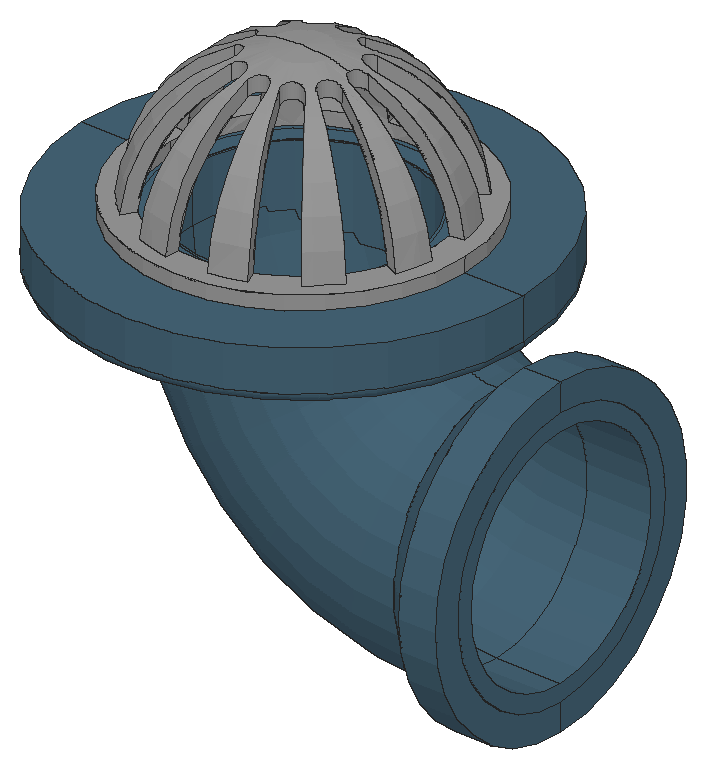
Revit family "Drain_Cornice_6_Inch_Top-Zurn-Z185", category Plumbing Fixtures, Revit 2022
Family settings
  Round Connector Dimension = Use Radius
  Part Type = Normal
  OmniClass Number = 23.70.50.21.24.14
  OmniClass Title = Deck Waste Water Drains
  Work Plane-Based = No
  Always vertical = Yes
  Cut with Voids When Loaded = No
  Maintain Annotation Orientation = No
  Shared = No
  Room Calculation Point = No
Parameters (values of type "ZN185-3 Inch Threaded Outlet")
  Waste Connection = 1 = 1  # yes
  WFU = 1  # constant formula
  Vent Connection = 1 = 0  # no
  URL = "www.zurn.com"
  Type Comments = ""
  Product data url = "https://www.bimobject.com/en-in/zurnindustries/product/zurn-z185"
  Product Page URL = "https://www.zurn.com/products/drainage-interceptors/roof-drains/cornice/z185"
  Product Installation Sheet URL = "https://files.zurn.com/care-cleaning-install-warranty-sheets/rd98.pdf"
  Product Documentation Link = "https://files.zurn.com/spec-sheets/z185.pdf"
  Pipe Size 'A' (Outer Radius) = [Pipe Size 'A' (Outer Diameter)] / 2  # 1.750"
  Pipe Size 'A' (Outer Diameter) = 3.500"
  Pipe Size 'A' (Nominal Radius) = [Pipe Size 'A' (Nominal Diameter)] / 2  # 1.500"
  Pipe Size 'A' (Nominal Diameter) = 3.000"
  Pipe Size 'A' (Inner Radius) = [Pipe Size 'A' (Inner Diameter)] / 2  # 1.534"
  Pipe Size 'A' (Inner Diameter) = 3.068"
  Modified Date = "01/05/2025"  # constant formula
  Model = "ZN185"
  Manufacurer Brand = "Zurn"  # constant formula
  Manufacturer = "Zurn Water, LLC"  # constant formula
  Main Material = Iron - Zurn - Cast - Painted - Blue
  HWFU = 0  # constant formula
  HW Connection = 1 = 0  # no
  Dome Open Area = 11.000 in²
  Dome Material = Bronze - Zurn - Polished Nickel
  Description = "6 [152] DIAMETER CORNICE DRAIN W/ 90° OUTLET"  # constant formula
  Default Elevation = 30.000"
  Date Created = "10/16/2018"  # constant formula
  CWFU = 0  # constant formula
  CW Connection = 1 = 0  # no
  Body Height (E) = 5.125"
  Assembly Code = "D2040200"
  Approx. Wt. Lbs. = 8.00 lbf
Types (4): name | Pipe Size 'A' (Outer Radius) | Pipe Size 'A' (Outer Diameter) | Pipe Size 'A' (Nominal Radius) | Pipe Size 'A' (Nominal Diameter) | Pipe Size 'A' (Inner Radius) | Pipe Size 'A' (Inner Diameter) | Model | Dome Material | Body Height (E) | Approx. Wt. Lbs.
  ZRB185-3 Inch Threaded Outlet | 1.750" | 3.500" | 1.500" | 3.000" | 1.534" | 3.068" | "ZRB185" | Bronze - Zurn - Polished | 5.125" | 8.00 lbf
  ZRB185-4 Inch Threaded Outlet | 2.250" | 4.500" | 2.000" | 4.000" | 2.013" | 4.026" | "ZRB185" | Bronze - Zurn - Polished | 5.625" | 10.00 lbf
  ZN185-4 Inch Threaded Outlet | 2.250" | 4.500" | 2.000" | 4.000" | 2.013" | 4.026" | "ZN185" | Bronze - Zurn - Polished Nickel | 5.625" | 10.00 lbf
  ZN185-3 Inch Threaded Outlet | 1.750" | 3.500" | 1.500" | 3.000" | 1.534" | 3.068" | "ZN185" | Bronze - Zurn - Polished Nickel | 5.125" | 8.00 lbf
Reference planes (in)
  plane 1 "Center (Front/Back)": y = 0
  plane 2: z = 0
  plane 3 "Center (Left/Right)": x = 0
  plane 4: x = 1.75
  plane 5: x = -1.75
  plane 6: y = -1.75
  plane 7: y = 1.75
  plane 8: z = -0.6875
  plane 9: y = -1.534
  plane 10: y = 1.534
  plane 11: z = 2
  plane 12: x = -3
  plane 13: x = 3
  plane 14 "cl": z = -3
  plane 15: z = -1.466
  plane 16: z = -4.534
  plane 17: z = -1.25
  plane 18: z = -4.75
  plane 19: x = 3.5
  plane 20: x = -1.5
  plane 21: z = -5.125
  plane 22: y = 2.125
  plane 23: y = -2.125
Forms (in)
  Sweep 1, solid, material "Iron - Zurn - Cast - Painted - Blue" <- "Main Material", detail levels fine
    path origin (0, 0, 0) x (1, 0, 0) y (0, 0, 1)
      loop
        line (3.5, -3) -> (2.625, -3)
        arc (2.625, -3) -> (0.76884, -2.23116) -> (0, -0.375) r 2.625
        line (0, -0.375) -> (0, 0)
    profile origin (3.0625, 0, -3) x (0, 0, -1) y (0, -1, 0)
      loop
        circle (0, 0) r 1.75
      loop
        circle (0, 0) r 1.534
  Revolve 2, solid, material "Iron - Zurn - Cast - Painted - Blue" <- "Main Material", visible <- "Waste Connection", detail levels fine
    sketch origin (0, 0, 0) x (1, 0, 0) y (0, 0, 1)
      loop
        line (-1.5, 0) -> (-3, 0) -> (-3, -0.5625)
        arc (-3, -0.5625) -> (-2.96339, -0.65089) -> (-2.875, -0.6875) r 0.125
        line (-2.875, -0.6875) -> (-2, -0.6875)
        arc (-2, -0.6875) -> (-1.73483, -0.79733) -> (-1.625, -1.0625) r 0.375
        line (-1.625, -1.0625) -> (-1.625, -1.1875) -> (-1.5, -1.1875) -> (-1.5, 0)
      axis (0, 0) -> (0, -1.1875)
    angle from 0 to 360
  Revolve 3, solid, material "Iron - Zurn - Cast - Painted - Blue" <- "Main Material", visible <- "Waste Connection", detail levels fine
    sketch origin (0, 0, 0) x (1, 0, 0) y (0, 0, 1)
      loop
        line (2.625, -4.75) -> (3, -5.125) -> (3.5, -5.125) -> (3.5, -4.75) -> (2.625, -4.75)
      axis (3.5, -3) -> (2.625, -3)
    angle from 0 to 360
Lines and regions (in)
  Masking region 1, detail levels fine
    outline origin (0, 0, -3) x (0, -1, 0) y (1, 0, 0)
      loop
        line (2.125, 2.11763) -> (2.125, 3.5) -> (-2.125, 3.5) -> (-2.125, 2.11763)
        arc (-2.125, 2.11763) -> (0, -3) -> (2.125, 2.11763) r 3
  model lines, style "GenericModel", detail levels coarse+medium
    curve 1: circle (0, 0, 0) r 2 normal (0, 0, 1)
    curve 2: line (3.5, 0, -1.25) -> (3.5, 0, -4.75)
    curve 3: circle (0, 0, 0) r 3 normal (0, 0, 1)
    curve 4: line (3.5, -1.75, -3) -> (3.5, 1.75, -3)
    curve 5: line (3.5, 0, -3) -> (2.625, 0, -3)
    curve 6: line (0, 0, -0.375) -> (0, 0, 0)
    curve 7: arc (2.625, 0, -3) -> (0.76884, 0, -2.23116) -> (0, 0, -0.375) r 2.625
    curve 32: circle (0, 0, 0) r 3 normal (0, 0, -1)
    curve 33: circle (0, 0, 0) r 2.46875 normal (0, 0, -1)
  model lines, detail levels coarse+medium
    curve 8: arc (0, 0, 2) -> (-0.64582, -1.1186, 1.52697) -> (-0.98616, -1.70807, 0.33165) r 2
    curve 9: arc (0, 0, 2) -> (0, -1.29165, 1.52697) -> (0, -1.97231, 0.33165) r 2
    curve 10: arc (0, 0, 2) -> (0.64582, -1.1186, 1.52697) -> (0.98616, -1.70807, 0.33165) r 2
    curve 11: arc (0, 0, 2) -> (1.1186, -0.64582, 1.52697) -> (1.70807, -0.98616, 0.33165) r 2
    curve 12: arc (0, 0, 2) -> (1.29165, 0, 1.52697) -> (1.97231, 0, 0.33165) r 2
    curve 13: arc (0, 0, 2) -> (1.1186, 0.64582, 1.52697) -> (1.70807, 0.98616, 0.33165) r 2
    curve 14: arc (0, 0, 2) -> (0.64582, 1.1186, 1.52697) -> (0.98616, 1.70807, 0.33165) r 2
    curve 15: arc (0, 0, 2) -> (0, 1.29165, 1.52697) -> (0, 1.97231, 0.33165) r 2
    curve 16: arc (0, 0, 2) -> (-0.64582, 1.1186, 1.52697) -> (-0.98616, 1.70807, 0.33165) r 2
    curve 17: arc (0, 0, 2) -> (-1.1186, 0.64582, 1.52697) -> (-1.70807, 0.98616, 0.33165) r 2
    curve 18: arc (0, 0, 2) -> (-1.29165, 0, 1.52697) -> (-1.97231, 0, 0.33165) r 2
    curve 19: arc (0, 0, 2) -> (-1.1186, -0.64582, 1.52697) -> (-1.70807, -0.98616, 0.33165) r 2
    curve 20: line (1.97231, 0, 0.33165) -> (1.97231, 0, 0)
    curve 21: line (-0.98616, -1.70807, 0.33165) -> (-0.98616, -1.70807, 0)
    curve 22: line (0, -1.97231, 0.33165) -> (0, -1.97231, 0)
    curve 23: line (0.98616, -1.70807, 0.33165) -> (0.98616, -1.70807, 0)
    curve 24: line (1.70807, -0.98616, 0.33165) -> (1.70807, -0.98616, 0)
    curve 25: line (1.70807, 0.98616, 0.33165) -> (1.70807, 0.98616, 0)
    curve 26: line (0.98616, 1.70807, 0.33165) -> (0.98616, 1.70807, 0)
    curve 27: line (0, 1.97231, 0.33165) -> (0, 1.97231, 0)
    curve 28: line (-0.98616, 1.70807, 0.33165) -> (-0.98616, 1.70807, 0)
    curve 29: line (-1.70807, 0.98616, 0.33165) -> (-1.70807, 0.98616, 0)
    curve 30: line (-1.97231, 0, 0.33165) -> (-1.97231, 0, 0)
    curve 31: line (-1.70807, -0.98616, 0.33165) -> (-1.70807, -0.98616, 0)
Dimensions and locks (in)
  equal spacing: plane 5, plane 3 "Center (Left/Right)", plane 4
  plane 5 to plane 4 = 3.500"
  equal spacing: plane 6, plane 1 "Center (Front/Back)", plane 7
  "Pipe Size 'A' (Outer Diameter)": plane 6 to plane 7
  "Pipe Size 'A' (Inner Radius)": plane 9 to plane 1 "Center (Front/Back)" to plane 10
  locked: level to plane 8 at 0.6875
  locked: plane 11 to level at 2
  "Pipe Size 'A' (Outer Radius)": plane 4 to plane 3 "Center (Left/Right)" to plane 5
  locked: level to plane 14 "cl" at 3
  "Pipe Size 'A' (Inner Radius)": plane 15 to plane 14 "cl" to plane 16
  "Pipe Size 'A' (Outer Radius)": plane 17 to plane 14 "cl" to plane 18
  locked: plane 19 to plane 3 "Center (Left/Right)" at 3.5
  plane 13 to plane 3 "Center (Left/Right)" to plane 12 = 3.000" locked, 3.000" locked
  locked: Sweep 1 sketch curve to plane 14 "cl" at 2.625
  locked: Sweep 1 sketch curve to plane 3 "Center (Left/Right)" at 2.625
  locked: plane 20 to plane 5 at 0.25
  locked: Revolve 2 sketch curve to plane 20 at 0.125
  locked: plane 8 to Revolve 2 sketch curve at 0.5
  "Body Height (E)": level to plane 21
  curve 3 to plane 3 "Center (Left/Right)" to curve 3 = 3.000" locked, 3.000" locked
  locked: curve 7 to plane 14 "cl" at 2.625  (x2)
  locked: curve 7 to plane 3 "Center (Left/Right)" at 2.625  (x2)
  curve 1 to plane 3 "Center (Left/Right)" to curve 1 = 2.000" locked, 2.000" locked
  locked: plane 7 to plane 22 at 0.375
  locked: plane 6 to plane 23 at 0.375
  locked: plane 13 to curve 20 at 1.02769
  locked: curve 20 to plane 13 at 1.02769
  curve 33 to plane 1 "Center (Front/Back)" to curve 33 = 2.46875" locked, 2.46875" locked
  radius of curve 1 = 2.000"
  "Pipe Size 'A' (Outer Diameter)": diameter of Sweep 1 sketch curve
  "Pipe Size 'A' (Inner Diameter)": diameter of Sweep 1 sketch curve
  radius of Revolve 2 sketch curve = 0.375"
  locked: Revolve 3 sketch curve to Revolve 3 sketch curve (angle 135.00°)
  aligned and locked: level to plane 2
  aligned and locked: plane 3 "Center (Left/Right)" to nested 1
  aligned and locked: plane 1 "Center (Front/Back)" to nested 1
  aligned and locked: plane 1 "Center (Front/Back)" to curve 1
  aligned and locked: level to nested 1
  aligned and locked: level to Sweep 1 sketch curve
  aligned and locked: plane 3 "Center (Left/Right)" to Sweep 1 sketch curve
  aligned and locked: Sweep 1 sketch curve to plane 14 "cl"
  aligned and locked: plane 19 to Sweep 1 sketch curve
  aligned and locked: plane 1 "Center (Front/Back)" to Sweep 1 sketch curve  (x2)
  aligned and locked: plane 14 "cl" to Sweep 1 sketch curve  (x2)
  aligned and locked: Revolve 2 sketch curve to plane 12
  aligned and locked: level to Revolve 2 sketch curve
  aligned and locked: plane 11 to Revolve 2 sketch curve
  aligned and locked: plane 20 to Revolve 2 sketch curve
  aligned and locked: Revolve 3 sketch curve to plane 19
  aligned and locked: plane 21 to Revolve 3 sketch curve
  aligned and locked: plane 18 to Revolve 3 sketch curve
  aligned and locked: plane 13 to Revolve 3 sketch curve
  aligned and locked: Sweep 1 to Revolve 3 sketch curve
  aligned and locked: Revolve 3 sketch curve to plane 14 "cl"
  aligned and locked: Revolve 2 sketch curve to plane 3 "Center (Left/Right)"
  aligned and locked: plane 18 to curve 2
  aligned and locked: plane 17 to curve 2
  aligned and locked: curve 2 to plane 19
  aligned and locked: plane 7 to curve 4
  aligned and locked: plane 6 to curve 4
  aligned and locked: plane 19 to curve 4
  aligned and locked: level to curve 6
  aligned and locked: plane 19 to curve 5
  aligned and locked: curve 5 to plane 14 "cl"
  aligned and locked: plane 3 "Center (Left/Right)" to Masking region 1 sketch curve
  aligned and locked: plane 1 "Center (Front/Back)" to Masking region 1 sketch curve
  aligned and locked: Masking region 1 sketch curve to plane 22
  aligned and locked: Masking region 1 sketch curve to plane 19
  aligned and locked: plane 23 to Masking region 1 sketch curve
  aligned and locked: plane 11 to curve 12
  aligned and locked: plane 3 "Center (Left/Right)" to curve 12
  aligned and locked: level to curve 20
  aligned and locked: plane 1 "Center (Front/Back)" to curve 32
  aligned and locked: curve 3 to curve 32
  aligned and locked: plane 3 "Center (Left/Right)" to curve 33
Automatic sketch dimensions
  Revolve 2 sketch curve to plane 8 = 0.000"
  Revolve 2 sketch curve to plane 16 = 0.000"
  Revolve 2 sketch curve to Revolve 2 sketch curve = 0.125"
  Revolve 3 sketch curve to plane 3 "Center (Left/Right)" = 0.000"
  Masking region 1 sketch curve to plane 13 = 0.88237"
  curve 12 to curve 12 = 1.97231"
  curve 12 to curve 12 = 0.33165"
  curve 20 to curve 20 = 0.33165"
  curve 8 to curve 8 = 1.97231"
  curve 8 to curve 8 = 0.33165"
  curve 21 to curve 21 = 0.33165"
  curve 9 to curve 9 = 1.97231"
  curve 9 to curve 9 = 0.33165"
  curve 22 to curve 22 = 0.33165"
  curve 10 to curve 10 = 1.97231"
  curve 10 to curve 10 = 0.33165"
  curve 23 to curve 23 = 0.33165"
  curve 11 to curve 11 = 1.97231"
  curve 11 to curve 11 = 0.33165"
  curve 24 to curve 24 = 0.33165"
  curve 13 to curve 13 = 1.97231"
  curve 13 to curve 13 = 0.33165"
  curve 25 to curve 25 = 0.33165"
  curve 14 to curve 14 = 1.97231"
  curve 14 to curve 14 = 0.33165"
  curve 26 to curve 26 = 0.33165"
  curve 15 to curve 15 = 1.97231"
  curve 15 to curve 15 = 0.33165"
  curve 27 to curve 27 = 0.33165"
  curve 16 to curve 16 = 1.97231"
  curve 16 to curve 16 = 0.33165"
  curve 28 to curve 28 = 0.33165"
  curve 17 to curve 17 = 1.97231"
  curve 17 to curve 17 = 0.33165"
  curve 29 to curve 29 = 0.33165"
  curve 18 to curve 18 = 1.97231"
  curve 18 to curve 18 = 0.33165"
  curve 30 to curve 30 = 0.33165"
  curve 19 to curve 19 = 1.97231"
  curve 19 to curve 19 = 0.33165"
  curve 31 to curve 31 = 0.33165"
Nested families (in)
  nested 1: "Z415G_Grate" at (0, 0, 0.188), Strainer Material <- "Dome Material", visible <- "Waste Connection", type "Z415C_Grate", detail levels fine
    with Strainer Material Bronze - Zurn - Polished Nickel, Strainer Diameter (B) 5.000", Grate Radius 2.200"
Connectors (in)
  piping at (3.5, 0, -3), diameter 3, driven by "Pipe Size 'A' (Nominal Radius)", driven by "Waste Connection", driven by "Waste Connection"
    settings: on Revolve 3, index 1, connector inside diameter 24", connector length 0.000", flow factor 0, pipe flow 0.0 L/s, pressure drop 0.0 Pa, fitting loss kfactor 0, connector angle 0.00°, fixture units 0, engagement length 0.000", angle of deflection 0.00°, flow configuration 0, flow direction 2, fitting loss method 0, system type 16, joint type 0, gender type 0, connector reference index -1, connector utility 1, adjustable connector yes, is connector primary yes, connector description "Sanitary Outlet"
Definition of nested family "Z415G_Grate"
  Parameters (values of type "Z415C_Grate")
    Waste Connection = 1 = 1  # yes
    WFU = 0  # constant formula
    Vent Connection = 1 = 0  # no
    URL = "www.zurn.com"
    Type Comments = ""
    Strainer Material [instance] = none
    Strainer Diameter (B) [instance] = 6.000"
    Product data url = ""
    Product Page URL = ""
    Product Installation Sheet URL = ""
    Product Documentation Link = ""
    Modified Date = ""
    Model = ""
    Manufacurer Brand = "Zurn"  # constant formula
    Manufacturer = "Zurn Water, LLC"  # constant formula
    HWFU = 0  # constant formula
    HW Connection = 1 = 0  # no
    Grate Radius [instance] = ([Strainer Diameter (B)] - 0.600") / 2  # 2.700"
    Description = ""
    Default Elevation = 0.000"
    Date Created = ""
    CWFU = 0  # constant formula
    CW Connection = 1 = 0  # no
    Assembly Code = "D2030300"
  Reference planes (in)
    plane 1 "Center (Front/Back)": y = 0
    plane 2: z = 0
    plane 3 "Center (Left/Right)": x = 0
    plane 4: z = -2.25
    plane 5: z = -4.688
    plane 6: z = -3.37583
    plane 7: z = -2.7377
    plane 8: x = -1
    plane 9: x = 1
    plane 10: z = -4.0625
    plane 11: x = 2.69
    plane 12: z = -2.39827
    plane 13: z = -3.93136
    plane 14: x = 3
    plane 15: x = -3
    plane 16: y = -3
    plane 17: y = 3
    plane 18: z = -0.438
    plane 19: z = -0.188
  Forms (in)
    Revolve 1, solid, material <- "Strainer Material"
      sketch origin (0, 0, 0) x (1, 0, 0) y (0, 0, 1)
        loop
          line (0, 1.6245) -> (0, 1.812)
          arc (0, 1.812) -> (-1.50499, 1.30825) -> (-2.40347, 0) r 2.5
          line (-2.40347, 0) -> (-2.7, 0) -> (-2.7, -0.188) -> (-2.2578, -0.188)
          arc (-2.2578, -0.188) -> (-1.44765, 1.11532) -> (0, 1.6245) r 2.3125
        axis (0, 1.812) -> (0, -0.188)
      angle from 0 to 360
    Extrusion 2, void
      sketch origin (0, 0, 0) x (0, 1, 0) y (-1, 0, 0)
        loop
          arc (0.76517, 0.14423) -> (0.63648, -0.00039) -> (0.76517, -0.14502) r 0.14561
          line (0.76517, -0.14502) -> (2.67499, -0.36846)
          arc (2.67499, -0.36846) -> (2.70024, -0.00039) -> (2.67509, 0.36769) r 2.70024
          line (2.67509, 0.36769) -> (0.76517, 0.14423)
      from 0 to 6 <- "Strainer Diameter (B)"
    Extrusion 3, void
      sketch origin (0, 0, 0) x (-0.5, 0.866025, 0) y (-0.866025, -0.5, 0)
        loop
          arc (0.76517, 0.14423) -> (0.63648, -0.00039) -> (0.76517, -0.14502) r 0.14561
          line (0.76517, -0.14502) -> (2.67499, -0.36846)
          arc (2.67499, -0.36846) -> (2.70024, -0.00039) -> (2.67509, 0.36769) r 2.70024
          line (2.67509, 0.36769) -> (0.76517, 0.14423)
      from 0 to 6 <- "Strainer Diameter (B)"
    Extrusion 4, void
      sketch origin (0, 0, 0) x (0.5, 0.866025, 0) y (-0.866025, 0.5, 0)
        loop
          arc (0.76517, 0.14423) -> (0.63648, -0.00039) -> (0.76517, -0.14502) r 0.14561
          line (0.76517, -0.14502) -> (2.67499, -0.36846)
          arc (2.67499, -0.36846) -> (2.70024, -0.00039) -> (2.67509, 0.36769) r 2.70024
          line (2.67509, 0.36769) -> (0.76517, 0.14423)
      from 0 to 6 <- "Strainer Diameter (B)"
    Extrusion 5, void
      sketch origin (0, 0, 0) x (0.866025, 0.5, 0) y (-0.5, 0.866025, 0)
        loop
          arc (0.76517, 0.14423) -> (0.63648, -0.00039) -> (0.76517, -0.14502) r 0.14561
          line (0.76517, -0.14502) -> (2.67499, -0.36846)
          arc (2.67499, -0.36846) -> (2.70024, -0.00039) -> (2.67509, 0.36769) r 2.70024
          line (2.67509, 0.36769) -> (0.76517, 0.14423)
      from 0 to 6 <- "Strainer Diameter (B)"
    Extrusion 6, void
      sketch origin (0, 0, 0) x (1, 0, 0) y (0, 1, 0)
        loop
          arc (0.76517, 0.14423) -> (0.63648, -0.00039) -> (0.76517, -0.14502) r 0.14561
          line (0.76517, -0.14502) -> (2.67499, -0.36846)
          arc (2.67499, -0.36846) -> (2.70024, -0.00039) -> (2.67509, 0.36769) r 2.70024
          line (2.67509, 0.36769) -> (0.76517, 0.14423)
      from 0 to 6 <- "Strainer Diameter (B)"
    Extrusion 7, void
      sketch origin (0, 0, 0) x (0.866025, -0.5, 0) y (0.5, 0.866025, 0)
        loop
          arc (0.76517, 0.14423) -> (0.63648, -0.00039) -> (0.76517, -0.14502) r 0.14561
          line (0.76517, -0.14502) -> (2.67499, -0.36846)
          arc (2.67499, -0.36846) -> (2.70024, -0.00039) -> (2.67509, 0.36769) r 2.70024
          line (2.67509, 0.36769) -> (0.76517, 0.14423)
      from 0 to 6 <- "Strainer Diameter (B)"
    Extrusion 8, void
      sketch origin (0, 0, 0) x (0.5, -0.866025, 0) y (0.866025, 0.5, 0)
        loop
          arc (0.76517, 0.14423) -> (0.63648, -0.00039) -> (0.76517, -0.14502) r 0.14561
          line (0.76517, -0.14502) -> (2.67499, -0.36846)
          arc (2.67499, -0.36846) -> (2.70024, -0.00039) -> (2.67509, 0.36769) r 2.70024
          line (2.67509, 0.36769) -> (0.76517, 0.14423)
      from 0 to 6 <- "Strainer Diameter (B)"
    Extrusion 9, void
      sketch origin (0, 0, 0) x (0, -1, 0) y (1, 0, 0)
        loop
          arc (0.76517, 0.14423) -> (0.63648, -0.00039) -> (0.76517, -0.14502) r 0.14561
          line (0.76517, -0.14502) -> (2.67499, -0.36846)
          arc (2.67499, -0.36846) -> (2.70024, -0.00039) -> (2.67509, 0.36769) r 2.70024
          line (2.67509, 0.36769) -> (0.76517, 0.14423)
      from 0 to 6 <- "Strainer Diameter (B)"
    Extrusion 10, void
      sketch origin (0, 0, 0) x (-0.5, -0.866025, 0) y (0.866025, -0.5, 0)
        loop
          arc (0.76517, 0.14423) -> (0.63648, -0.00039) -> (0.76517, -0.14502) r 0.14561
          line (0.76517, -0.14502) -> (2.67499, -0.36846)
          arc (2.67499, -0.36846) -> (2.70024, -0.00039) -> (2.67509, 0.36769) r 2.70024
          line (2.67509, 0.36769) -> (0.76517, 0.14423)
      from 0 to 6 <- "Strainer Diameter (B)"
    Extrusion 11, void
      sketch origin (0, 0, 0) x (-0.866025, -0.5, 0) y (0.5, -0.866025, 0)
        loop
          arc (0.76517, 0.14423) -> (0.63648, -0.00039) -> (0.76517, -0.14502) r 0.14561
          line (0.76517, -0.14502) -> (2.67499, -0.36846)
          arc (2.67499, -0.36846) -> (2.70024, -0.00039) -> (2.67509, 0.36769) r 2.70024
          line (2.67509, 0.36769) -> (0.76517, 0.14423)
      from 0 to 6 <- "Strainer Diameter (B)"
    Extrusion 12, void
      sketch origin (0, 0, 0) x (-1, 0, 0) y (0, -1, 0)
        loop
          arc (0.76517, 0.14423) -> (0.63648, -0.00039) -> (0.76517, -0.14502) r 0.14561
          line (0.76517, -0.14502) -> (2.67499, -0.36846)
          arc (2.67499, -0.36846) -> (2.70024, -0.00039) -> (2.67509, 0.36769) r 2.70024
          line (2.67509, 0.36769) -> (0.76517, 0.14423)
      from 0 to 6 <- "Strainer Diameter (B)"
    Extrusion 13, void
      sketch origin (0, 0, 0) x (-0.866025, 0.5, 0) y (-0.5, -0.866025, 0)
        loop
          arc (0.76517, 0.14423) -> (0.63648, -0.00039) -> (0.76517, -0.14502) r 0.14561
          line (0.76517, -0.14502) -> (2.67499, -0.36846)
          arc (2.67499, -0.36846) -> (2.70024, -0.00039) -> (2.67509, 0.36769) r 2.70024
          line (2.67509, 0.36769) -> (0.76517, 0.14423)
      from 0 to 6 <- "Strainer Diameter (B)"
  Cuts and joins
    Extrusion 2, Extrusion 3, Extrusion 4, Extrusion 5, Extrusion 6, Extrusion 7, Extrusion 8, Extrusion 9, Extrusion 10, Extrusion 11, Extrusion 12, Extrusion 13 cuts Revolve 1
  Dimensions and locks (in)
    plane 4 to plane 5 = 2.438"
    locked: level to plane 4 at 2.25
    locked: plane 4 to plane 6 at 1.12583
    locked: plane 4 to plane 7 at 0.4877
    locked: plane 4 to plane 12 at 0.14827
    locked: plane 13 to plane 10 at 0.13114
    equal spacing: plane 15, plane 3 "Center (Left/Right)", plane 14
    "Strainer Diameter (B)": plane 15 to plane 14
    equal spacing: plane 16, plane 1 "Center (Front/Back)", plane 17
    "Strainer Diameter (B)": plane 16 to plane 17
    locked: plane 4 to plane 10 at 1.8125
    locked: level to plane 19 at 0.188
    locked: plane 19 to plane 18 at 0.25
    "Grate Radius": Revolve 1 sketch curve to Revolve 1 sketch curve
    locked: Revolve 1 sketch curve to Revolve 1 sketch curve at 0.2
    locked: Revolve 1 sketch curve to Revolve 1 sketch curve at 0.3875
    locked: Extrusion 2 sketch curve to Extrusion 2 sketch curve at 0.73615
    locked: Extrusion 3 sketch curve to Extrusion 3 sketch curve at 0.73615
    locked: Extrusion 4 sketch curve to Extrusion 4 sketch curve at 0.73615
    locked: Extrusion 5 sketch curve to Extrusion 5 sketch curve at 0.73615
    locked: Extrusion 6 sketch curve to Extrusion 6 sketch curve at 0.73615
    locked: Extrusion 7 sketch curve to Extrusion 7 sketch curve at 0.73615
    locked: Extrusion 8 sketch curve to Extrusion 8 sketch curve at 0.73615
    locked: Extrusion 9 sketch curve to Extrusion 9 sketch curve at 0.73615
    locked: Extrusion 10 sketch curve to Extrusion 10 sketch curve at 0.73615
    locked: Extrusion 11 sketch curve to Extrusion 11 sketch curve at 0.73615
    locked: Extrusion 12 sketch curve to Extrusion 12 sketch curve at 0.73615
    locked: Extrusion 13 sketch curve to Extrusion 13 sketch curve at 0.73615
    locked: Revolve 1 sketch curve to level at 1.812
    locked: Revolve 1 sketch curve to Revolve 1 sketch curve at 0.1875
    aligned and locked: level to plane 2
    aligned and locked: plane 19 to Revolve 1 sketch curve
    aligned and locked: Revolve 1 sketch curve to plane 2
    aligned and locked: plane 3 "Center (Left/Right)" to Revolve 1 sketch curve
    aligned and locked: Revolve 1 sketch curve to plane 3 "Center (Left/Right)"
  Automatic sketch dimensions
    Revolve 1 sketch curve to plane 5 = 9.72321"
    Revolve 1 sketch curve to Revolve 1 sketch curve = 85.36576"
    Extrusion 6 sketch curve to Extrusion 6 sketch curve = 0.76517"
    Extrusion 6 sketch curve to Extrusion 6 sketch curve = 0.01692"  (x2)
    Extrusion 6 sketch curve to Extrusion 6 sketch curve = 0.00011"
    Extrusion 6 sketch curve to Extrusion 6 sketch curve = 0.14502"
    Extrusion 2 sketch curve to Extrusion 2 sketch curve = 0.76517"
    Extrusion 2 sketch curve to Extrusion 2 sketch curve = 0.01692"  (x2)
    Extrusion 2 sketch curve to Extrusion 2 sketch curve = 0.00011"
    Extrusion 2 sketch curve to Extrusion 2 sketch curve = 0.14502"
    Extrusion 3 sketch curve to Extrusion 3 sketch curve = 0.76517"
    Extrusion 3 sketch curve to Extrusion 3 sketch curve = 0.01692"  (x2)
    Extrusion 3 sketch curve to Extrusion 3 sketch curve = 0.00011"
    Extrusion 3 sketch curve to Extrusion 3 sketch curve = 0.14502"
    Extrusion 4 sketch curve to Extrusion 4 sketch curve = 0.76517"
    Extrusion 4 sketch curve to Extrusion 4 sketch curve = 0.01692"  (x2)
    Extrusion 4 sketch curve to Extrusion 4 sketch curve = 0.00011"
    Extrusion 4 sketch curve to Extrusion 4 sketch curve = 0.14502"
    Extrusion 5 sketch curve to Extrusion 5 sketch curve = 0.76517"
    Extrusion 5 sketch curve to Extrusion 5 sketch curve = 0.01692"  (x2)
    Extrusion 5 sketch curve to Extrusion 5 sketch curve = 0.00011"
    Extrusion 5 sketch curve to Extrusion 5 sketch curve = 0.14502"
    Extrusion 7 sketch curve to Extrusion 7 sketch curve = 0.76517"
    Extrusion 7 sketch curve to Extrusion 7 sketch curve = 0.01692"  (x2)
    Extrusion 7 sketch curve to Extrusion 7 sketch curve = 0.00011"
    Extrusion 7 sketch curve to Extrusion 7 sketch curve = 0.14502"
    Extrusion 8 sketch curve to Extrusion 8 sketch curve = 0.76517"
    Extrusion 8 sketch curve to Extrusion 8 sketch curve = 0.01692"  (x2)
    Extrusion 8 sketch curve to Extrusion 8 sketch curve = 0.00011"
    Extrusion 8 sketch curve to Extrusion 8 sketch curve = 0.14502"
    Extrusion 9 sketch curve to Extrusion 9 sketch curve = 0.76517"
    Extrusion 9 sketch curve to Extrusion 9 sketch curve = 0.01692"  (x2)
    Extrusion 9 sketch curve to Extrusion 9 sketch curve = 0.00011"
    Extrusion 9 sketch curve to Extrusion 9 sketch curve = 0.14502"
    Extrusion 10 sketch curve to Extrusion 10 sketch curve = 0.76517"
    Extrusion 10 sketch curve to Extrusion 10 sketch curve = 0.01692"  (x2)
    Extrusion 10 sketch curve to Extrusion 10 sketch curve = 0.00011"
    Extrusion 10 sketch curve to Extrusion 10 sketch curve = 0.14502"
    Extrusion 11 sketch curve to Extrusion 11 sketch curve = 0.76517"
    Extrusion 11 sketch curve to Extrusion 11 sketch curve = 0.01692"  (x2)
    Extrusion 11 sketch curve to Extrusion 11 sketch curve = 0.00011"
    Extrusion 11 sketch curve to Extrusion 11 sketch curve = 0.14502"
    Extrusion 12 sketch curve to Extrusion 12 sketch curve = 0.76517"
    Extrusion 12 sketch curve to Extrusion 12 sketch curve = 0.01692"  (x2)
    Extrusion 12 sketch curve to Extrusion 12 sketch curve = 0.00011"
    Extrusion 12 sketch curve to Extrusion 12 sketch curve = 0.14502"
    Extrusion 13 sketch curve to Extrusion 13 sketch curve = 0.76517"
    Extrusion 13 sketch curve to Extrusion 13 sketch curve = 0.01692"  (x2)
    Extrusion 13 sketch curve to Extrusion 13 sketch curve = 0.00011"
    Extrusion 13 sketch curve to Extrusion 13 sketch curve = 0.14502"
